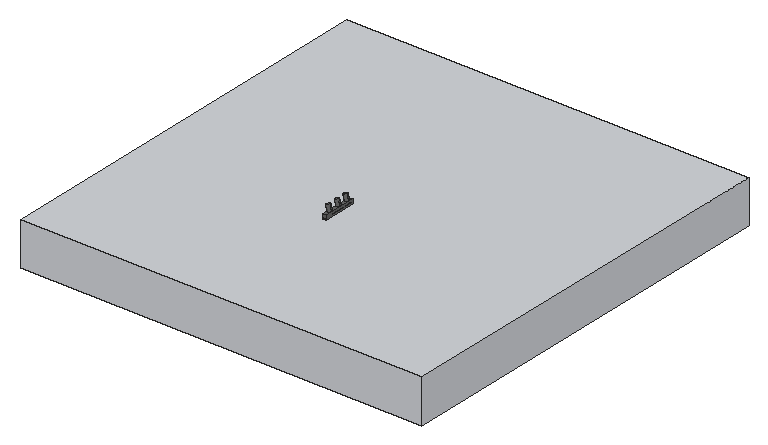
Revit family "Zumtobel SUP2 S 3 LED350-940 FL LDO BK", category Lighting Fixtures, host Face, Revit 2016
Family settings
  Host = Face
  Part Type = Normal
  Round Connector Dimension = Use Diameter
  OmniClass Number = 23.80.70.11
  OmniClass Title = Luminaries for Internal Lighting
  Cut with Voids When Loaded = No
  Light Source = No
  Shared = No
  Room Calculation Point = No
Parameters (values of type "SUP2 S 3/LED350-940 FL LDO BK")
  Wattage Comments = ""
  Voltage = 230 V
  URL = "http://www.zumtobel.com/42927557"
  Type Comments = "© Zumtobel. We reserve the right to make technical changes without prior notice."  # constant formula
  Rotation 3 [instance] = 90.00°
  Angle 3 [instance] = 75.00°
  Reflector = Zumtobel_Cover_Self_llumination_Opaque
  Model = "42927557"
  Rotation 2 [instance] = 90.00°
  Angle 2 [instance] = 75.00°
  Manufacturer = "Zumtobel Lighting"  # constant formula
  Length = 230 mm  # constant formula
  Lamp = "LED"
  Height = 76 mm  # constant formula
  Description = "LED spot luminaires"  # constant formula
  Default Elevation = 0 mm
  Rotation 1 [instance] = 90.00°
  Angle 1 [instance] = 75.00°
  Body = Zumtobel_Plastic_Black
  Assembly Code = "D5020200"
  Apparent Load = 0 VA  # constant formula
Reference planes
  plane 1 "Center (Front/Back)": y = 0
  plane 2 "Top": z = 0
  plane 3 "Center (Left/Right)": x = 399.5
  plane 4: y = 76
  plane 5: y = -76
  plane 6 "Base": z = 30
Forms (mm)
  Extrusion 1, solid
    sketch origin (116.179, 575, 0) x (1, 0, 0) y (0, 1, 0)
      loop
        line (-1016.679, 1125) -> (-1016.679, -1737.29) -> (1803.321, -1737.29) -> (1803.321, 1125) -> (-1016.679, 1125)
    from 0 to -304.8
  Extrusion 2, solid, material "Zumtobel_Plastic_Black" <- "Body"
    sketch origin (399.5, -70, 0) x (1, 0, 0) y (0, 0, 1)
      loop
        line (-13, 30) -> (-13, 0) -> (-9.386, 0) -> (-9.386, 1.524) -> (-11.393, 1.524) -> (-11.393, 3.074) -> (-9.082, 3.074) -> (-6.164, 0.977) -> (-3.488, 0.977) -> (-2.06, 2.375) -> (2.06, 2.375) -> (3.488, 0.977) -> (6.164, 0.977) -> (9.082, 3.074) -> (11.393, 3.074) -> (11.393, 1.524) -> (9.386, 1.524) -> (9.386, 0) -> (13, 0) -> (13, 30) -> (-13, 30)
    from -185 to 45
Lines and regions (mm)
  reference lines
    curve 1: line (399.5, 76, 30) -> (399.5, 221, 30)
    curve 2: line (399.5, 0, 30) -> (399.5, 155.398, 30)
    curve 3: line (399.5, -76, 30) -> (399.5, 64, 30)
Dimensions and locks
  "Rotation 1": angle plane 4 to curve 1
  "Rotation 2": angle plane 1 "Center (Front/Back)" to curve 2
  "Rotation 3": angle plane 5 to curve 3
  aligned and locked: Extrusion 1 to plane 2 "Top"
  aligned and locked: Extrusion 1 to level
  aligned and locked: plane 3 "Center (Left/Right)" to curve 3
  aligned and locked: plane 5 to curve 3
  aligned and locked: plane 3 "Center (Left/Right)" to curve 2
  aligned and locked: plane 1 "Center (Front/Back)" to curve 2
  aligned and locked: plane 4 to curve 1
  aligned and locked: plane 3 "Center (Left/Right)" to curve 1
Automatic sketch dimensions
  Extrusion 1 sketch curve to Extrusion 1 sketch curve = 2820 mm
  Extrusion 1 sketch curve to Extrusion 1 sketch curve = 2862.29 mm
  Extrusion 2 sketch curve to level = 0 mm  (x2)
  Extrusion 2 sketch curve to plane 6 "Base" = 0 mm
  plane 3 "Center (Left/Right)" to Extrusion 2 sketch curve = 13 mm
  Extrusion 2 sketch curve to Extrusion 2 sketch curve = 1.607 mm
  Extrusion 2 sketch curve to Extrusion 2 sketch curve = 2.007 mm  (x2)
  Extrusion 2 sketch curve to Extrusion 2 sketch curve = 0.304 mm  (x2)
  level to Extrusion 2 sketch curve = 0.977 mm  (x2)
  Extrusion 2 sketch curve to Extrusion 2 sketch curve = 3.223 mm
  Extrusion 2 sketch curve to Extrusion 2 sketch curve = 2.675 mm  (x2)
  Extrusion 2 sketch curve to Extrusion 2 sketch curve = 1.429 mm  (x2)
  Extrusion 2 sketch curve to plane 3 "Center (Left/Right)" = 2.06 mm
  level to Extrusion 2 sketch curve = 3.074 mm
  Extrusion 2 sketch curve to Extrusion 2 sketch curve = 2.919 mm
  Extrusion 2 sketch curve to plane 3 "Center (Left/Right)" = 13 mm
  level to Extrusion 2 sketch curve = 1.524 mm  (x2)
  Extrusion 2 sketch curve to Extrusion 2 sketch curve = 1.398 mm
  Extrusion 2 sketch curve to Extrusion 2 sketch curve = 1.551 mm
Nested families
  nested 1: "Zumtobel SUPERSYSTEM II Body" at (199.5, -79, 44) x (-1, 0, 0) z (0, 0, 1), Angle <- "Angle 1", type "SUP2 S 3/LED350-940 FL LDO BK"
    with swarmControl no, sensControl yes, Angle 75.00°
  nested 2: "Zumtobel SUPERSYSTEM II Body" at (199.5, -155, 44) x (-1, 0, 0) z (0, 0, 1), Angle <- "Angle 2", type "SUP2 S 3/LED350-940 FL LDO BK"
    with swarmControl no, sensControl yes, Angle 75.00°
  nested 3: "Zumtobel SUPERSYSTEM II Body" at (213.77, -247.841, 44) x (-0.9962, -0.0872, 0) z (0, 0, 1), Angle <- "Angle 3", type "SUP2 S 3/LED350-940 FL LDO BK"
    with swarmControl no, sensControl yes, Angle 75.00°
Definition of nested family "Zumtobel SUPERSYSTEM II Body"
  Parameters (values of type "SUSY CL 3P LED700-840 SP")
    swarmControl [instance] = no
    sensControl [instance] = not(swarmControl)  # yes
    Wattage = 6.66478 W
    built-in parameter 1150110 = 1 (stored number, unit not read)
    Voltage = 230 V
    URL = "http://www.zumtobel.com/42927557\r\n42185393"
    Type Comments = "© Zumtobel. We reserve the right to make technical changes without prior notice."  # constant formula
    built-in parameter 1114217 = 1 (stored number, unit not read)
    Tilt Angle = 0.00°
    built-in parameter 1150109 = 1 (stored number, unit not read)
    built-in parameter 1150134 = 12
    built-in parameter 1150113 = 1 (stored number, unit not read)
    Photometric Web File = "42927557_(STD_LEO1).IES"
    Model = "42927557"
    Manufacturer = "Zumtobel Lighting"  # constant formula
    built-in parameter 1150105 = 2561 (stored number, unit not read)
    Lumens = 990 lm
    built-in parameter 1150115 = 1 (stored number, unit not read)
    built-in parameter 1150137 = (empty or 0)
    built-in parameter 1150139 = (empty or 0)
    built-in parameter 1150112 = 1 (stored number, unit not read)
    built-in parameter 1150114 = 1 (stored number, unit not read)
    Lamp = "LED"
    built-in parameter 1150132 = 2
    built-in parameter 1150102 = (empty or 0)
    built-in parameter 1150107 = 4000 (stored number, unit not read)
    built-in parameter 1150138 = (empty or 0)
    built-in parameter 1150106 = 25.61 (stored number, unit not read)
    built-in parameter 1150104 = 13.8 (stored number, unit not read)
    Dimming Lamp Color Temperature Shift = (empty or 0)
    Description = "Zumtobel SUSY Spot Single"  # constant formula
    Default Elevation = 0 mm
    Cover = none
    Color Filter = 16777215
    Body = none
    built-in parameter 1114218 = 1 (stored number, unit not read)
    built-in parameter 1150133 = 10 (stored number, unit not read)
    Assembly Code = "D5020210"
    Apparent Load = 15 VA
    Angle [instance] = 45.00°
  Reference planes
    plane 1: z = 0
    plane 2 "Center (Front/Back)": y = -155
    plane 3 "Center (Left/Right)": x = -200
    plane 4: z = -14
  Forms (mm)
    Revolve 1, solid, material <- "Body"
      sketch origin (-200, -155, 0) x (0.707107, 0, 0.707107) y (-0.707107, 0, 0.707107)
        loop
          line (24, 0) -> (24, 12) -> (32, 12) -> (32, 13) -> (-6, 13) -> (-6, 0) -> (24, 0)
        axis (-6, 0) -> (32, 0)
      angle from 0 to 360
    Extrusion 2, solid, material <- "Body"
      sketch origin (0, 0, 0) x (1, 0, 0) y (0, 1, 0)
        loop
          circle (-200, -155) r 2.5
      from -14 to 0
    Revolve 3, void
      sketch origin (-200, -155, 0) x (0.707107, 0, 0.707107) y (-0.707107, 0, 0.707107)
        loop
          line (0, -15.776) -> (3, -15.776) -> (3, 0)
          arc (3, 0) -> (2.121, 2.121) -> (0, 3) r 3
          line (0, 3) -> (0, -15.776)
        axis (0, -15.776) -> (0, 3)
      angle from -90 to 90
    Extrusion 4, void
      sketch origin (-200, -155, 0) x (0, -1, 0) y (-0.707107, 0, 0.707107)
        loop
          line (-3, -20.659) -> (3, -20.659) -> (3, 0)
          arc (3, 0) -> (0, 3) -> (-3, 0) r 3
          line (-3, 0) -> (-3, -20.659)
      from 0 to 10
  Cuts and joins
    Revolve 3, Extrusion 4 cuts Revolve 1
  Lines and regions (mm)
    reference lines
      curve 1: line (-200, -155, 0) -> (-183.029, -155, 16.971)
      curve 2: line (-183.029, -155, 16.971) -> (-218.385, -155, 52.326)
  Dimensions and locks
    "Angle": angle plane 1 to curve 1
    aligned and locked: plane 3 "Center (Left/Right)" to curve 1
    aligned and locked: plane 1 to curve 1
    aligned and locked: imposter light to curve 2  (x2)
  Automatic sketch dimensions
    curve 2 to curve 1 = 0 mm
    curve 1 to curve 2 = 24 mm
    curve 2 to curve 2 = 50 mm
    curve 1 to Revolve 1 sketch curve = 0 mm
    Revolve 1 sketch curve to curve 1 = 0 mm
    Revolve 1 sketch curve to curve 1 = 6 mm
    Revolve 1 sketch curve to curve 1 = 12 mm
    curve 1 to Revolve 1 sketch curve = 13 mm
    Revolve 1 sketch curve to Revolve 1 sketch curve = 10 mm
    curve 1 to Revolve 1 sketch curve = 24 mm
    Revolve 1 sketch curve to Revolve 1 sketch curve = 8 mm
    Revolve 1 sketch curve to Revolve 1 sketch curve = 53 mm
    plane 2 "Center (Front/Back)" to Extrusion 2 sketch curve = 0 mm
    Extrusion 2 sketch curve to plane 3 "Center (Left/Right)" = 0 mm
    Revolve 3 sketch curve to curve 1 = 0 mm  (x3)
    Revolve 3 sketch curve to curve 1 = 15.776 mm
    curve 1 to Revolve 3 sketch curve = 3 mm  (x2)
    curve 1 to Revolve 3 sketch curve = 10.417 mm
    Extrusion 4 sketch curve to plane 2 "Center (Front/Back)" = 0 mm
    Extrusion 4 sketch curve to plane 2 "Center (Front/Back)" = 3 mm
    Extrusion 4 sketch curve to Extrusion 4 sketch curve = 20.659 mm
    radius of Extrusion 2 sketch curve = 2.5 mm
